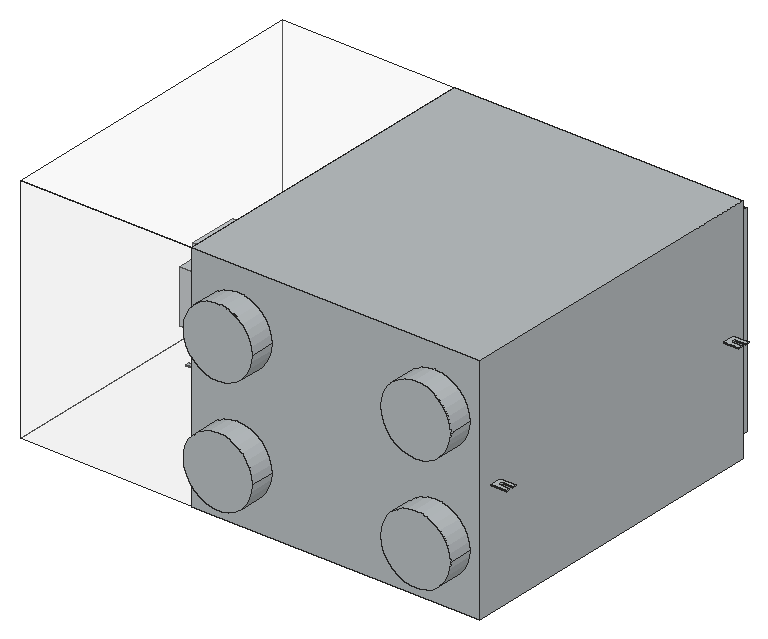
Revit family "lgh-n150_200rxv2d-c_60Hz", category 機械設備, Revit 2019
Family settings
  丸型コネクタ寸法 = 直径を使用
  パーツ タイプ = 標準
  OmniClass 番号 = 23.75.10.34.21
  OmniClass タイトル = Heat Exchangers for Ventilation Air
  作業面ベース = いいえ
  常に垂直 = はい
  ロード時にボイドで切り取り = いいえ
  共有 = いいえ
  部屋計算ポイント = はい
Parameters (values of type "LGH-N150RXV2D-C")
  騒音レベル(dB(A)) = 38.5
  風量 = 1500.0 m³/h
  面風速 = 8.5 m/s
  電源種別 [instance] = "一般"
  電圧 = 200 V
  電動機出力 = 0 W
  集中コントローラ = ""
  運転質量 = 0.00 kg
  連動 [instance] = ""
  質量 = if(製品質量 > 運転質量, 製品質量, 運転質量) * 1.2  # 128.40 kg
  負荷分類 = 3_ファン類
  説明 = "業務用ロスナイ 天井埋込形 DCマイコン CO2センサー付"
  設計風量 = 0.0 m³/h
  設置方法 = "天井吊(隠ぺい)形"
  記号 [instance] = ""
  製造元 = "三菱電機株式会社"
  製品質量 = 107.00 kg
  製品出荷対象 = "国内"
  製品リリース年月 = "2023/5/15"
  製品グループ = ""
  系統 [instance] = ""
  符号 = "HEU"
  積算_科目 = "1 空気調和設備"
  積算_拾い区分 [instance] = ""
  相 = 1
  盤記号 [instance] = ""
  発停方法 [instance] = ""
  特殊仕様 [instance] = ""
  点検口高さ = -Height  # -808 mm
  点検口離隔 = 150 mm
  点検口_Depth = 450 mm
  点検口 = yes
  火災停止 [instance] = ""
  温度交換効率 = 74.00%
  消費電力 = 900 W
  法定耐用年数 = "15"
  機外静圧_排気 = 275.0 Pa
  機外静圧 = 275.0 Pa
  極数 = 3
  材質 [instance] = ""
  本体マテリアル = 溶融亜鉛めっき鋼板
  操作・制御方式 = ""
  操作・制御スイッチ = ""
  排気量 = 0.0 m³/h
  形式 = "天井埋込ダクト形"
  幹線記号 [instance] = ""
  対象室 [instance] = ""
  実風量 = 0.0 m³/h
  始動方式 [instance] = "直入"
  天吊金具_径 = 15 mm
  天吊金具_幅 = 30 mm
  外気量 = 0.0 m³/h
  呼称 = "全熱交換ユニット"
  周波数 = 60 Hz
  天吊金具ピッチ2 = 1015 mm
  天吊金具ピッチ1 = 1057 mm
  天吊金具_高さ = 404 mm
  参照している仕様書等のバージョン = ""
  初期抵抗 = 0.0 Pa
  分類コード = "50052504100070"
  分類グループ = ""
  価格 = 1363200
  企業コード = "108420"
  付属品_フィルター_還気 = ""
  付属品_フィルター = ""
  付属品 [instance] = ""
  仕様書バージョン = "Version1.0"
  モデル = "LGH-N150RXV2D-C"
  メンテナンススペース = yes
  ダクト高 = 700 mm
  ダクト径 = 250 mm
  ダクト幅 = 270 mm
  コメント [instance] = ""
  Keynote = ""
  エンタルピ交換効率_暖房 = 76.00%
  エンタルピ交換効率_冷房 = 66.00%
  Assembly Code = ""
  Width = 1004 mm
  Version = ""
  Uniclass2015Version = "Systems v1.9"
  Uniclass2015Title = "Thermal wheels"
  Uniclass2015Code = "Pr_60_60_36_88"
  URL = "https://www.mitsubishielectric.co.jp/ldg/wink/qr/002/324425/"
  SpecificationReference = ""
  SpecificationDescription = ""
  Sensor_Width = 184 mm
  Sensor_D = 176 mm
  Sensor_Height = 183 mm
  Sensor_H = 201 mm
  Sensor_Depth = 115 mm
  SMAX風量 = 1500.0 m³/h
  SMAX静圧 = 275.0 Pa
  SAサイズ_D = 242 mm
  Revision = ""
  RAサイズ_D = 242 mm
  ProductInformation = ""
  OmniClassCode = "23-27 23 19 11"
  OAサイズ_W = 270 mm
  OAサイズ_D = 700 mm
  MIN風量 = 660.0 m³/h
  MIN静圧 = 47.0 Pa
  MID風量 = 1080.0 m³/h
  MID静圧 = 127.0 Pa
  MAX風量 = 1500.0 m³/h
  MAX静圧 = 245.0 Pa
  IfcTypeProduct = ""
  IfcProduct = ""
  IfcExportType = "ROTARYWHEEL"
  IfcExportAs = "IfcAirToAirHeatRecoveryType"
  Height = 808 mm
  EAサイズ_W = 270 mm
  EAサイズ_D = 700 mm
  Duct_Pitch = 690 mm
  Duct_Height = 202 mm
  Duct_Depth_SA_RA = 84 mm
  Duct_Depth_OA_EA = 49 mm
  Depth = 1144 mm
  Clearance Top = 0 mm
  Clearance Left = 600 mm
  Clearance Bottom = 0 mm
  Box_Width = 115 mm
  Box_Height = 669 mm
  Box_H = 88 mm
  Box_Depth = 175 mm
  Box_D = 145 mm
  Author = "三菱電機株式会社"
Types (2, lengths in mm): name | 騒音レベル(dB(A)) | 風量 | 面風速 | 質量 | 製品質量 | 温度交換効率 | 消費電力 | 機外静圧_排気 | 機外静圧 | 天吊金具ピッチ1 | 価格 | モデル | エンタルピ交換効率_暖房 | エンタルピ交換効率_冷房 | Width | URL | SMAX風量 | SMAX静圧 | MIN風量 | MIN静圧 | MID風量 | MID静圧 | MAX風量 | MAX静圧 | Duct_Pitch
  LGH-N150RXV2D-C | 38.5 | 1500.0 m³/h | 8.5 m/s | 128.40 kg | 107.00 kg | 74.00% | 900 W | 275.0 Pa | 275.0 Pa | 1057 | 1363200 | "LGH-N150RXV2D-C" | 76.00% | 66.00% | 1004 | "https://www.mitsubishielectric.co.jp/ldg/wink/qr/002/324425/" | 1500.0 m³/h | 275.0 Pa | 660.0 m³/h | 47.0 Pa | 1080.0 m³/h | 127.0 Pa | 1500.0 m³/h | 245.0 Pa | 690
  LGH-N200RXV2D-C | 41 | 2000.0 m³/h | 11.3 m/s | 140.40 kg | 117.00 kg | 73.00% | 1160 W | 225.0 Pa | 225.0 Pa | 1284 | 1523200 | "LGH-N200RXV2D-C" | 75.00% | 65.00% | 1231 | "https://www.mitsubishielectric.co.jp/ldg/wink/qr/002/324427/" | 2000.0 m³/h | 225.0 Pa | 880.0 m³/h | 32.0 Pa | 1440.0 m³/h | 86.0 Pa | 2000.0 m³/h | 165.0 Pa | 917
Reference planes
  plane 1 "中心(正面/背面)": y = 0
  plane 2: z = 0
  plane 3 "中心(左/右)": x = 0
  plane 4: x = -502
  plane 5: x = 502
  plane 6: y = 572
  plane 7: y = -572
  plane 8: z = -808
  plane 9: z = -202
  plane 10: x = -345
  plane 11: x = 345
  plane 12: y = -656
  plane 13: y = 621
  plane 14: x = -586
  plane 15: x = 586
  plane 16: x = -1102
  plane 17: y = -427
  plane 18: y = -252
  plane 19: z = -88
  plane 20: z = -757
  plane 21: x = -617
  plane 22: x = -652
  plane 23: y = 225
  plane 24: x = -528.5
  plane 25: x = 528.5
  plane 26: y = 507.5
  plane 27: y = -507.5
  plane 28: y = -225
  plane 29: x = -558.5
  plane 30: y = 527.5
  plane 31: y = 487.5
  plane 32: y = -487.5
  plane 33: y = -527.5
  plane 34: z = -5
  plane 35: z = -404
  plane 36: z = -407
  plane 37: x = 558.5
  plane 38: z = -404
  plane 39: x = 480
  plane 40: x = 210
  plane 41: x = -480
  plane 42: x = -210
  plane 43: z = -54
  plane 44: z = -754
  plane 45: z = -54
  plane 46: z = -754
  plane 47: z = -606
  plane 48: y = -396
  plane 49: y = -281
  plane 50: z = -201
  plane 51: z = -384
  plane 52: x = -686
  plane 53: z = 0
  plane 54: z = -808
Forms (mm)
  Extrusion 1, solid, material "溶融亜鉛めっき鋼板" <- "本体マテリアル", detail levels fine
    sketch origin (0, 0, 0) x (1, 0, 0) y (0, 1, 0)
      loop
        line (-502, 572) -> (-502, -572) -> (502, -572) -> (502, 572) -> (-502, 572)
    from 0 to -808
  Extrusion 2, solid, material "溶融亜鉛めっき鋼板" <- "本体マテリアル", detail levels fine
    sketch origin (502, -572, 0) x (-1, 0, 0) y (0, 0, -1)
      loop
        circle (847, 202) r 121
    from 0 to 84
  Extrusion 3, solid, material "溶融亜鉛めっき鋼板" <- "本体マテリアル", detail levels fine
    sketch origin (510, -445, 0) x (-1, 0, 0) y (0, 0, -1)
      loop
        circle (165, 202) r 121
    from 127 to 211
  Extrusion 4, solid, material "溶融亜鉛めっき鋼板" <- "本体マテリアル", detail levels fine
    sketch origin (-502, -572, 0) x (0, 1, 0) y (0, 0, -1)
      loop
        line (320, 88) -> (320, 757) -> (145, 757) -> (145, 88) -> (320, 88)
    from 0 to 115
  Extrusion 5, solid, material "溶融亜鉛めっき鋼板" <- "本体マテリアル", detail levels fine
    sketch origin (0, 0, 0) x (1, 0, 0) y (0, 1, 0)
      loop
        line (-558.5, 527.5) -> (-558.5, 515) -> (-528.5, 515)
        arc (-528.5, 515) -> (-521, 507.5) -> (-528.5, 500) r 7.5
        line (-528.5, 500) -> (-558.5, 500) -> (-558.5, 487.5) -> (-502, 487.5) -> (-502, 527.5) -> (-558.5, 527.5)
    from -404 to -407
  Extrusion 6, solid, material "溶融亜鉛めっき鋼板" <- "本体マテリアル", detail levels fine
    sketch origin (0, 0, 0) x (1, 0, 0) y (0, 1, 0)
      loop
        line (-558.5, -527.5) -> (-502, -527.5) -> (-502, -487.5) -> (-558.5, -487.5) -> (-558.5, -500) -> (-528.5, -500)
        arc (-528.5, -500) -> (-521, -507.5) -> (-528.5, -515) r 7.5
        line (-528.5, -515) -> (-558.5, -515) -> (-558.5, -527.5)
    from -404 to -407
  Extrusion 7, solid, material "溶融亜鉛めっき鋼板" <- "本体マテリアル", detail levels fine
    sketch origin (0, 0, 0) x (-1, 0, 0) y (0, -1, 0)
      loop
        line (-558.5, 527.5) -> (-558.5, 515) -> (-528.5, 515)
        arc (-528.5, 515) -> (-521, 507.5) -> (-528.5, 500) r 7.5
        line (-528.5, 500) -> (-558.5, 500) -> (-558.5, 487.5) -> (-502, 487.5) -> (-502, 527.5) -> (-558.5, 527.5)
    from -404 to -407
  Extrusion 8, solid, material "溶融亜鉛めっき鋼板" <- "本体マテリアル", detail levels fine
    sketch origin (0, 0, 0) x (-1, 0, 0) y (0, -1, 0)
      loop
        line (-558.5, -527.5) -> (-502, -527.5) -> (-502, -487.5) -> (-558.5, -487.5) -> (-558.5, -500) -> (-528.5, -500)
        arc (-528.5, -500) -> (-521, -507.5) -> (-528.5, -515) r 7.5
        line (-528.5, -515) -> (-558.5, -515) -> (-558.5, -527.5)
    from -404 to -407
  Extrusion 9, solid, material "溶融亜鉛めっき鋼板" <- "本体マテリアル", detail levels fine
    sketch origin (0, 0, 0) x (1, 0, 0) y (0, 0, 1)
      loop
        circle (-345, -606) r 121
    from 572 to 656
  Extrusion 10, solid, material "溶融亜鉛めっき鋼板" <- "本体マテリアル", detail levels fine
    sketch origin (0, 0, 0) x (1, 0, 0) y (0, 0, 1)
      loop
        circle (345, -606) r 121
    from 572 to 656
  Extrusion 11, solid, material "溶融亜鉛めっき鋼板" <- "本体マテリアル", detail levels fine
    sketch origin (0, 0, 0) x (1, 0, 0) y (0, 0, 1)
      loop
        line (480, -754) -> (480, -54) -> (210, -54) -> (210, -754) -> (480, -754)
    from -621 to -572
  Extrusion 12, solid, material "溶融亜鉛めっき鋼板" <- "本体マテリアル", detail levels fine
    sketch origin (0, 0, 0) x (1, 0, 0) y (0, 0, 1)
      loop
        line (-480, -754) -> (-210, -754) -> (-210, -54) -> (-480, -54) -> (-480, -754)
    from -621 to -572
  Extrusion 13, solid, material "溶融亜鉛めっき鋼板" <- "本体マテリアル", detail levels fine
    sketch origin (0, 0, 0) x (0, 1, 0) y (0, 0, 1)
      loop
        line (-281, -201) -> (-396, -201) -> (-396, -384) -> (-281, -384) -> (-281, -201)
    from -686 to -617
Lines and regions (mm)
  Masking region 1, detail levels coarse+medium
    outline origin (1326.5, 29, 0) x (1, 0, 0) y (0, 1, 0)
      loop
        line (-1828.5, 543) -> (-1828.5, -601) -> (-824.5, -601) -> (-824.5, 543) -> (-1828.5, 543)
  symbolic lines, detail levels coarse+medium
    curve 1: line (0, 572, 0) -> (-502, 0, 0)
    curve 2: line (-502, 0, 0) -> (0, -572, 0)
    curve 3: line (0, -572, 0) -> (502, 0, 0)
    curve 4: line (502, 0, 0) -> (0, 572, 0)
Dimensions and locks
  equal spacing: plane 4, plane 3 "中心(左/右)", plane 5
  "Width": plane 4 to plane 5
  equal spacing: plane 6, plane 1 "中心(正面/背面)", plane 7
  "Depth": plane 6 to plane 7
  "Height": level to plane 8
  "Duct_Height": level to plane 9
  equal spacing: plane 11, plane 3 "中心(左/右)", plane 10
  "Duct_Pitch": plane 11 to plane 10
  "Duct_Depth_OA_EA": plane 13 to plane 6
  "Duct_Depth_SA_RA": plane 7 to plane 12
  "Duct_Depth_SA_RA": plane 5 to plane 15
  "Duct_Depth_SA_RA": plane 14 to plane 4
  "Clearance Left": plane 16 to plane 4
  "Box_H": level to plane 19
  "Box_Height": plane 19 to plane 20
  "Box_D": plane 17 to plane 7
  "Box_Depth": plane 18 to plane 17
  "Box_Width": plane 21 to plane 4
  "点検口離隔": plane 22 to plane 4
  equal spacing: plane 24, plane 3 "中心(左/右)", plane 25
  "天吊金具ピッチ1": plane 24 to plane 25
  equal spacing: plane 26, plane 1 "中心(正面/背面)", plane 27
  "天吊金具ピッチ2": plane 26 to plane 27
  equal spacing: plane 23, plane 1 "中心(正面/背面)", plane 28
  "点検口_Depth": plane 23 to plane 28
  equal spacing: plane 30, plane 26, plane 31
  locked: plane 30 to plane 31 at 40
  "天吊金具_幅": plane 29 to plane 24
  "天吊金具_高さ": level to plane 35
  locked: plane 35 to plane 36 at 3
  equal spacing: plane 32, plane 27, plane 33
  locked: plane 32 to plane 33 at 40
  "天吊金具_幅": plane 25 to plane 37
  equal spacing: plane 8, plane 38, level
  equal spacing: plane 40, plane 11, plane 39
  "EAサイズ_W": plane 40 to plane 39
  equal spacing: plane 42, plane 10, plane 41
  "OAサイズ_W": plane 42 to plane 41
  equal spacing: plane 44, plane 38, plane 43
  "EAサイズ_D": plane 44 to plane 43
  "OAサイズ_D": plane 46 to plane 45
  equal spacing: plane 46, plane 38, plane 45
  "Duct_Height": plane 38 to plane 47
  "Sensor_D": plane 48 to plane 7
  "Sensor_Depth": plane 49 to plane 48
  "Sensor_H": level to plane 50
  "Sensor_Height": plane 50 to plane 51
  "Sensor_Width": plane 52 to plane 4
  "Clearance Bottom": plane 8 to plane 54
  "Clearance Top": plane 53 to level
  "RAサイズ_D": diameter of Extrusion 3 sketch curve
  "SAサイズ_D": diameter of Extrusion 9 sketch curve
  "RAサイズ_D": diameter of Extrusion 10 sketch curve
  "SAサイズ_D": diameter of Extrusion 2 sketch curve
  "天吊金具_径": diameter of Extrusion 6 sketch curve
  "天吊金具_径": diameter of Extrusion 5 sketch curve
  "天吊金具_径": diameter of Extrusion 8 sketch curve
  "天吊金具_径": diameter of Extrusion 7 sketch curve
  aligned and locked: level to plane 2
  aligned and locked: Extrusion 1 to plane 8
  aligned and locked: Extrusion 2 to plane 12
  aligned and locked: plane 7 to Extrusion 2
  aligned and locked: plane 7 to Extrusion 3
  aligned and locked: Extrusion 3 to plane 12
  aligned and locked: plane 16 to nested 1
  aligned and locked: plane 4 to nested 1
  aligned and locked: nested 1 to plane 6
  aligned and locked: nested 1 to plane 7
  aligned and locked: Extrusion 4 to plane 21
  aligned and locked: plane 4 to Extrusion 4
  aligned and locked: Masking region 1 to plane 4
  aligned and locked: plane 5 to Masking region 1
  aligned and locked: plane 6 to Masking region 1
  aligned and locked: Masking region 1 to plane 7
  aligned and locked: plane 25 to nested 2
  aligned and locked: plane 24 to nested 2
  aligned and locked: nested 2 to plane 27
  aligned and locked: plane 26 to nested 2
  aligned and locked: Extrusion 4 to plane 18
  aligned and locked: Extrusion 4 to plane 20
  aligned and locked: plane 19 to Extrusion 4
  aligned and locked: Extrusion 4 to plane 17
  aligned and locked: plane 22 to nested 3
  aligned and locked: plane 16 to nested 3
  aligned and locked: plane 23 to nested 3
  aligned and locked: nested 3 to plane 28
  aligned and locked: plane 29 to Extrusion 5 sketch curve  (x2)
  aligned and locked: Extrusion 5 sketch curve to plane 4
  aligned and locked: plane 31 to Extrusion 5 sketch curve
  aligned and locked: Extrusion 5 sketch curve to plane 30
  aligned and locked: Extrusion 5 to plane 35
  aligned and locked: Extrusion 5 to plane 36
  aligned and locked: Extrusion 6 sketch curve to plane 29  (x2)
  aligned and locked: plane 32 to Extrusion 6 sketch curve
  aligned and locked: Extrusion 6 sketch curve to plane 33
  aligned and locked: plane 4 to Extrusion 6 sketch curve
  aligned and locked: plane 35 to Extrusion 6
  aligned and locked: Extrusion 6 to plane 36
  aligned and locked: plane 37 to Extrusion 7 sketch curve  (x2)
  aligned and locked: Extrusion 7 sketch curve to plane 32
  aligned and locked: plane 33 to Extrusion 7 sketch curve
  aligned and locked: plane 5 to Extrusion 7 sketch curve
  aligned and locked: Extrusion 7 to plane 36
  aligned and locked: plane 35 to Extrusion 7
  aligned and locked: Extrusion 8 sketch curve to plane 37  (x2)
  aligned and locked: Extrusion 8 sketch curve to plane 31
  aligned and locked: plane 30 to Extrusion 8 sketch curve
  aligned and locked: Extrusion 8 sketch curve to plane 5
  aligned and locked: plane 35 to Extrusion 8
  aligned and locked: Extrusion 8 to plane 36
  aligned and locked: Extrusion 9 to plane 12
  aligned and locked: plane 7 to Extrusion 9
  aligned and locked: Extrusion 10 to plane 12
  aligned and locked: plane 7 to Extrusion 10
  aligned and locked: plane 44 to Extrusion 11 sketch curve
  aligned and locked: plane 39 to Extrusion 11 sketch curve
  aligned and locked: Extrusion 11 sketch curve to plane 43
  aligned and locked: Extrusion 11 sketch curve to plane 40
  aligned and locked: Extrusion 12 sketch curve to plane 46
  aligned and locked: Extrusion 12 sketch curve to plane 41
  aligned and locked: plane 45 to Extrusion 12 sketch curve
  aligned and locked: plane 42 to Extrusion 12 sketch curve
  aligned and locked: plane 13 to Extrusion 12
  aligned and locked: Extrusion 12 to plane 6
  aligned and locked: plane 13 to Extrusion 11
  aligned and locked: Extrusion 11 to plane 6
  aligned and locked: plane 50 to Extrusion 13 sketch curve
  aligned and locked: Extrusion 13 sketch curve to plane 49
  aligned and locked: Extrusion 13 sketch curve to plane 51
  aligned and locked: plane 48 to Extrusion 13 sketch curve
  aligned and locked: Extrusion 13 to Extrusion 4
  aligned and locked: plane 52 to Extrusion 13
  aligned and locked: plane 53 to nested 1
  aligned and locked: plane 54 to nested 1
Automatic sketch dimensions
  plane 1 "中心(正面/背面)" to curve 1 = 0 mm
  curve 1 to plane 4 = 0 mm
  curve 2 to plane 3 "中心(左/右)" = 0 mm
  curve 4 to plane 3 "中心(左/右)" = 0 mm
  plane 1 "中心(正面/背面)" to curve 4 = 0 mm
  curve 4 to plane 5 = 0 mm
  curve 2 to plane 7 = 0 mm
  curve 4 to plane 6 = 0 mm
  Extrusion 1 sketch curve to plane 4 = 0 mm
  Extrusion 1 sketch curve to plane 5 = 0 mm
  Extrusion 1 sketch curve to plane 7 = 0 mm
  Extrusion 1 sketch curve to plane 6 = 0 mm
  Extrusion 3 sketch curve to plane 9 = 0 mm
  Extrusion 3 sketch curve to plane 11 = 0 mm
  Extrusion 4 sketch curve to Extrusion 1 = 145 mm
  Extrusion 1 to Extrusion 4 sketch curve = 51 mm
  Extrusion 4 sketch curve to Extrusion 4 sketch curve = 175 mm
  Extrusion 1 to Extrusion 4 sketch curve = 88 mm
  Masking region 1 sketch curve to plane 4 = 0 mm
  Masking region 1 sketch curve to plane 5 = 0 mm
  Masking region 1 sketch curve to plane 7 = 0 mm
  Masking region 1 sketch curve to plane 6 = 0 mm
  Extrusion 9 sketch curve to plane 10 = 0 mm
  Extrusion 9 sketch curve to plane 47 = 0 mm
  Extrusion 10 sketch curve to plane 11 = 0 mm
  Extrusion 10 sketch curve to plane 47 = 0 mm
  Extrusion 1 to Extrusion 2 sketch curve = 157 mm
  Extrusion 1 to Extrusion 2 sketch curve = 202 mm
  Extrusion 5 sketch curve to plane 24 = 0 mm
  Extrusion 5 sketch curve to plane 26 = 0 mm
  Extrusion 6 sketch curve to plane 24 = 0 mm
  Extrusion 6 sketch curve to plane 27 = 0 mm
  Extrusion 7 sketch curve to plane 25 = 0 mm
  Extrusion 7 sketch curve to plane 27 = 0 mm
  Extrusion 8 sketch curve to plane 25 = 0 mm
  Extrusion 8 sketch curve to plane 26 = 0 mm
Nested families
  nested 1: "メンテナンススペース" at (-802, 0, -404), visible <- "メンテナンススペース", type "メンテナンススペース"
    with Width 600 mm, Height 808 mm, Depth 1144 mm
  nested 2: "固定点" at (-528.5, -507.5, 0), type "固定点"
    with W 1057 mm, D 1015 mm
  nested 3: "点検口設置範囲" at (-877, 0, -808), built-in parameter 1001364 <- "点検口高さ", visible <- "点検口", type "点検口設置範囲"
    with Width 450 mm, Depth 450 mm
Connectors
  hvac at (-345, -656, -202), driven by "ダクト径", driven by "機外静圧", driven by "風量"
    settings: on Extrusion 2, index 1, duct flow 1500.0 m³/h, flow factor 0, pres drop 275.0 Pa, loss coef 0, conn angle 0.00°, conn width 304.8 mm, conn height 304.8 mm, conn diameter 250 mm, duct sys type 1, conn prof type 0, flow config 0, flow direction 2, loss method 4, conn ref index -1, conn util no, is conn primary yes, conn desc ""
  hvac at (345, -656, -202), driven by "ダクト径", driven by "機外静圧", driven by "風量"
    settings: on Extrusion 3, index 2, duct flow 1500.0 m³/h, flow factor 0, pres drop 275.0 Pa, loss coef 0, conn angle 0.00°, conn width 304.8 mm, conn height 304.8 mm, conn diameter 250 mm, duct sys type 2, conn prof type 0, flow config 0, flow direction 1, loss method 4, conn ref index -1, conn util no, is conn primary no, conn desc ""
  electrical at (-559.5, -427, -422.5), driven by "負荷分類", driven by "極数", driven by "電圧", driven by "消費電力"
    settings: on Extrusion 4, index 7, voltage 200 V, apparent load 900 VA, apparent load phase1 0 VA, apparent load phase2 0 VA, apparent load phase3 0 VA, power factor 1, load classification "3_ファン類", number of poles 3, system type 30, power factor state 1, is connector primary yes, connector utility no, sub classification motor no, connector description ""
  hvac at (-345, -656, -606), driven by "ダクト径", driven by "機外静圧", driven by "風量"
    settings: on Extrusion 9, index 8, duct flow 1500.0 m³/h, flow factor 0, pres drop 275.0 Pa, loss coef 0, conn angle 0.00°, conn width 304.8 mm, conn height 304.8 mm, conn diameter 250 mm, duct sys type 1, conn prof type 0, flow config 0, flow direction 2, loss method 4, conn ref index -1, conn util no, is conn primary no, conn desc ""
  hvac at (345, -656, -606), driven by "ダクト径", driven by "機外静圧", driven by "風量"
    settings: on Extrusion 10, index 9, duct flow 1500.0 m³/h, flow factor 0, pres drop 275.0 Pa, loss coef 0, conn angle 0.00°, conn width 304.8 mm, conn height 304.8 mm, conn diameter 250 mm, duct sys type 2, conn prof type 0, flow config 0, flow direction 1, loss method 4, conn ref index -1, conn util no, is conn primary no, conn desc ""
  hvac at (345, 621, -404), driven by "ダクト高", driven by "ダクト幅", driven by "機外静圧_排気", driven by "排気量"
    settings: on Extrusion 11, index 10, duct flow 0.0 m³/h, flow factor 0, pres drop 275.0 Pa, loss coef 0, conn angle 0.00°, conn width 270 mm, conn height 700 mm, conn diameter 609.6 mm, duct sys type 3, conn prof type 1, flow config 0, flow direction 2, loss method 4, conn ref index -1, conn util no, is conn primary no, conn desc ""
  hvac at (-345, 621, -404), driven by "ダクト幅", driven by "ダクト高", driven by "機外静圧", driven by "風量"
    settings: on Extrusion 12, index 11, duct flow 1500.0 m³/h, flow factor 0, pres drop 275.0 Pa, loss coef 0, conn angle 0.00°, conn width 270 mm, conn height 700 mm, conn diameter 609.6 mm, duct sys type 4, conn prof type 1, flow config 0, flow direction 1, loss method 4, conn ref index -1, conn util no, is conn primary no, conn desc ""
Definition of nested family "メンテナンススペース"
  Parameters (values of type "メンテナンススペース")
    Width [instance] = 500 mm
    Height [instance] = 500 mm
    Depth [instance] = 500 mm
  Reference planes
    plane 1 "中心(正面/背面)": y = 0
    plane 2: z = 0
    plane 3 "中心(左/右)": x = 0
    plane 4: y = -250
    plane 5: x = 250
    plane 6: y = 250
    plane 7: x = -250
    plane 8: z = 250
    plane 9: z = -250
  Forms (mm)
    Extrusion 1, solid
      sketch origin (-638.939, 0, 72.39) x (1, 0, 0) y (0, 1, 0)
        loop
          line (388.939, 250) -> (388.939, -250) -> (888.939, -250) -> (888.939, 250) -> (388.939, 250)
      from -322.39 to 177.61
  Lines and regions (mm)
    symbolic lines
      curve 1: line (-250, 0, 250) -> (250, 0, 250)
      curve 2: line (-250, 0, -250) -> (-250, 0, 250)
      curve 3: line (250, 0, -250) -> (-250, 0, -250)
      curve 4: line (250, 0, 250) -> (250, 0, -250)
      curve 5: line (0, -250, 250) -> (0, 250, 250)
      curve 6: line (0, -250, -250) -> (0, -250, 250)
      curve 7: line (0, 250, -250) -> (0, -250, -250)
      curve 8: line (0, 250, 250) -> (0, 250, -250)
      curve 9: line (-250, 250, 0) -> (250, 250, 0)
      curve 10: line (-250, -250, 0) -> (-250, 250, 0)
      curve 11: line (250, -250, 0) -> (-250, -250, 0)
      curve 12: line (250, 250, 0) -> (250, -250, 0)
  Dimensions and locks
    equal spacing: plane 7, plane 3 "中心(左/右)", plane 5
    equal spacing: plane 4, plane 1 "中心(正面/背面)", plane 6
    "Depth": plane 4 to plane 6
    "Width": plane 7 to plane 5
    equal spacing: plane 8, plane 2, plane 9
    "Height": plane 8 to plane 9
    aligned and locked: plane 9 to curve 3
    aligned and locked: plane 7 to curve 2
    aligned and locked: curve 4 to plane 5
    aligned and locked: plane 5 to Extrusion 1
    aligned and locked: Extrusion 1 to plane 7
    aligned and locked: Extrusion 1 to plane 9
    aligned and locked: plane 8 to Extrusion 1
    aligned and locked: plane 9 to curve 7
  Automatic sketch dimensions
    plane 4 to Extrusion 1 sketch curve = 0 mm
    Extrusion 1 sketch curve to plane 7 = 0 mm
    Extrusion 1 sketch curve to plane 5 = 0 mm
    plane 6 to Extrusion 1 sketch curve = 0 mm
    curve 2 to plane 8 = 0 mm
    plane 4 to curve 11 = 0 mm
    curve 11 to plane 7 = 0 mm
    curve 11 to plane 5 = 0 mm
    plane 6 to curve 10 = 0 mm
    curve 7 to plane 4 = 0 mm
    curve 7 to plane 6 = 0 mm
    curve 6 to plane 8 = 0 mm
Definition of nested family "固定点"
  Parameters (values of type "固定点")
    中心円 = 20 mm
    W [instance] = 1000 mm
    D [instance] = 1000 mm
  Reference planes
    plane 1 "中心(正面/背面)": y = 0
    plane 2: z = 0
    plane 3 "中心(左/右)": x = 0
    plane 4: x = 1000
    plane 5: y = 1000
  Lines and regions (mm)
    symbolic lines, detail levels fine
      curve 1: circle (0, 1000, 0) r 10 normal (0, 0, 1)
      curve 2: circle (0, 0, 0) r 10 normal (0, 0, 1)
      curve 3: circle (1000, 1000, 0) r 10 normal (0, 0, 1)
      curve 4: circle (1000, 0, 0) r 10 normal (0, 0, 1)
      curve 5: line (-200, 1000, 0) -> (1200, 1000, 0)
      curve 6: line (-200, 0, 0) -> (1200, 0, 0)
      curve 7: line (0, 1200, 0) -> (0, -200, 0)
      curve 8: line (1000, 1200, 0) -> (1000, -200, 0)
  Dimensions and locks
    "W": plane 3 "中心(左/右)" to plane 4
    "D": plane 1 "中心(正面/背面)" to plane 5
    "中心円": diameter of curve 1
    "中心円": diameter of curve 2
    "中心円": diameter of curve 3
    "中心円": diameter of curve 4
    aligned and locked: level to plane 2
    aligned and locked: plane 5 to curve 1
    aligned and locked: plane 3 "中心(左/右)" to curve 1
    aligned and locked: plane 3 "中心(左/右)" to curve 2
    aligned and locked: plane 1 "中心(正面/背面)" to curve 2
    aligned and locked: plane 4 to curve 3
    aligned and locked: plane 5 to curve 3
    aligned and locked: plane 1 "中心(正面/背面)" to curve 4
    aligned and locked: plane 4 to curve 4
    aligned and locked: plane 1 "中心(正面/背面)" to curve 6
    aligned and locked: curve 7 to plane 3 "中心(左/右)"
    aligned and locked: curve 8 to plane 4
  Automatic sketch dimensions
    curve 5 to plane 5 = 0 mm
    curve 6 to plane 3 "中心(左/右)" = 200 mm
    curve 5 to plane 3 "中心(左/右)" = 200 mm
    curve 4 to curve 6 = 200 mm
    curve 3 to curve 5 = 200 mm
    plane 1 "中心(正面/背面)" to curve 8 = 200 mm
    plane 1 "中心(正面/背面)" to curve 7 = 200 mm
    curve 3 to curve 8 = 200 mm
    curve 1 to curve 7 = 200 mm
Definition of nested family "点検口設置範囲"
  Parameters (values of type "点検口設置範囲")
    Width [instance] = 1000 mm
    Depth [instance] = 700 mm
  Reference planes
    plane 1 "中心(正面/背面)": y = 0
    plane 2: z = 0
    plane 3 "中心(左/右)": x = 0
    plane 4: x = -500
    plane 5: x = 500
    plane 6: y = -350
    plane 7: y = 350
  Lines and regions (mm)
    model lines
      curve 1: line (-500, 350, 0) -> (500, 350, 0)
      curve 2: line (-500, -350, 0) -> (-500, 350, 0)
      curve 3: line (500, -350, 0) -> (-500, -350, 0)
      curve 4: line (500, 350, 0) -> (500, -350, 0)
  Dimensions and locks
    "Depth": plane 7 to plane 6
    "Width": plane 4 to plane 5
    equal spacing: plane 7, plane 1 "中心(正面/背面)", plane 6
    equal spacing: plane 4, plane 3 "中心(左/右)", plane 5
    aligned and locked: level to plane 2
    aligned and locked: plane 4 to curve 2
    aligned and locked: curve 1 to plane 7
    aligned and locked: curve 4 to plane 5
    aligned and locked: plane 6 to curve 3
